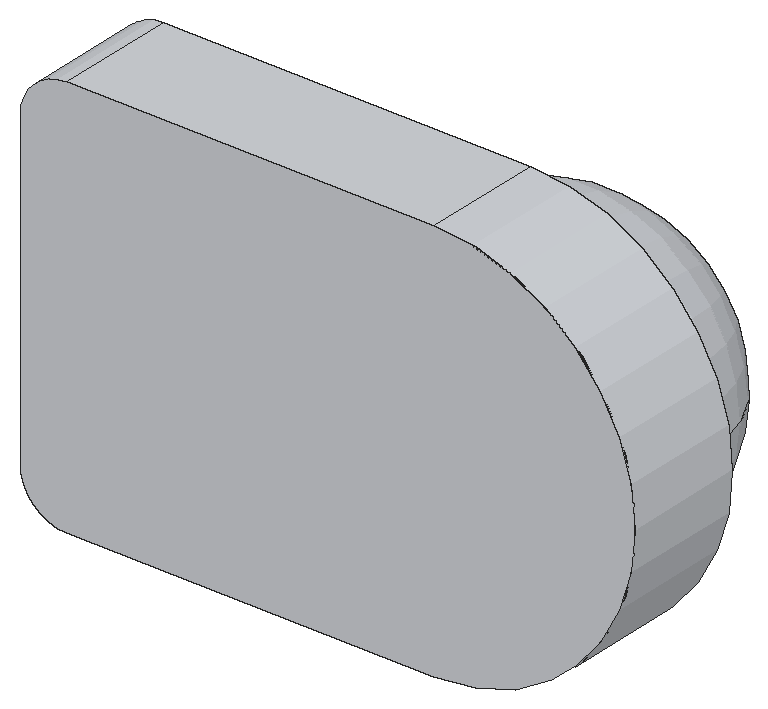
Revit family "252500.06 OSID Sender høy effekt Vegg", category Fire Alarm Devices, Revit 2016
Family settings
  Maintain Annotation Orientation = No
  Part Type = Normal
  Round Connector Dimension = Use Diameter
  OmniClass Number = 23.85.30.21.11.11.11
  OmniClass Title = Smoke Detectors
  Work Plane-Based = No
  Always vertical = Yes
  Cut with Voids When Loaded = No
  Shared = No
  Room Calculation Point = No
Parameters (values of type "Linjedetektor sender")
  Type Comments = "-RY"
  R = CQ Width / 2  # 65 mm
  NVMottaker = no
  NS8360 = "5423_XN3"
  Manufacturer = "Honeywell"
  Keynote = "XN3"
  H1 = R - 10 mm  # 55 mm
  CQ Høyre = no
  CQFontSymboler = "w"
  CQ Venstre = not(CQ Høyre)  # yes
  CQ Type tekst synlig = yes
  CQ Type = "LD"
  CQ Montering tekst synlig [instance] = no
  CQ Montering [instance] = "HIM"
  CQ Material = none
  CQ Width = 130 mm
  CQ Height = 94 mm
  CQ Length = 198 mm
  CQ Coverage Circle Radius = 70000 mm
  CQ Symbol Positive Direction [instance] = yes
  CQ Symbol Offset Side [instance] = 0 mm
  CQ Symbol Offset Out [instance] = 0 mm
  CQ Coverage Circle = no
  CQ 3D Synlig = not(CQ 2D Synlig)  # no
  CQ 2D Synlig = yes
  Assembly Code = "5423"
Reference planes
  plane 1 "Center (Front/Back)": y = 0
  plane 2: z = 0
  plane 3 "Center (Left/Right)": x = 0
  plane 4 "høyre": x = 99
  plane 5 "Venstre": x = -99
  plane 6: x = 89
  plane 7: x = 34
  plane 8: y = 39
  plane 9: z = 65
  plane 10: z = -65
  plane 11: y = 94
Forms (mm)
  Extrusion 1, solid, material <- "CQ Material"
    sketch origin (0, 0, 0) x (1, 0, 0) y (0, 0, 1)
      loop
        arc (-84, 65) -> (-94.607, 60.607) -> (-99, 50) r 15
        line (-99, 50) -> (-99, -50)
        arc (-99, -50) -> (-94.607, -60.607) -> (-84, -65) r 15
        line (-84, -65) -> (34, -65)
        arc (34, -65) -> (99, 0) -> (34, 65) r 65
        line (34, 65) -> (-84, 65)
    from 0 to -39
  Revolve 2, solid, material <- "CQ Material"
    sketch origin (0, 0, 0) x (1, 0, 0) y (0, 1, 0)
      loop
        line (34, 94) -> (34, 39) -> (89, 39)
        arc (89, 39) -> (72.891, 77.891) -> (34, 94) r 55
      axis (34, 94) -> (34, 39)
    angle from 0 to 360
Cuts and joins
  joined: Extrusion 1, Revolve 2
Lines and regions (mm)
  model lines, style "InvisibleLines"
    curve 1: line (0, 0, 0) -> (0, 0, 5)
    curve 2: line (0, 0, 0) -> (0, -5, 0)
Dimensions and locks
  equal spacing: plane 5 "Venstre", plane 3 "Center (Left/Right)", plane 4 "høyre"  (x2)
  "CQ Length": plane 5 "Venstre" to plane 4 "høyre"
  "H1": plane 6 to plane 7
  locked: plane 6 to plane 4 "høyre" at 10
  equal spacing: plane 10, level, plane 9
  "CQ Width": plane 10 to plane 9
  "H1": plane 8 to plane 11
  "CQ Height": plane 1 "Center (Front/Back)" to plane 11
  "R": radius of Extrusion 1 sketch curve
  radius of Extrusion 1 sketch curve = 15 mm  (x2)
  aligned and locked: level to plane 2
  aligned and locked: plane 3 "Center (Left/Right)" to nested 1
  aligned and locked: plane 1 "Center (Front/Back)" to nested 1
  aligned and locked: nested 2 to plane 3 "Center (Left/Right)"
  aligned and locked: nested 2 to plane 1 "Center (Front/Back)"
  aligned and locked: level to curve 1
  aligned and locked: plane 3 "Center (Left/Right)" to curve 1
  aligned and locked: plane 5 "Venstre" to Extrusion 1 sketch curve
  aligned and locked: plane 9 to Extrusion 1 sketch curve
  aligned and locked: Extrusion 1 sketch curve to plane 10
  aligned and locked: plane 8 to Extrusion 1
  aligned and locked: Revolve 2 sketch curve to plane 7
  aligned and locked: Revolve 2 sketch curve to plane 8
  aligned and locked: plane 7 to Extrusion 1 sketch curve
Automatic sketch dimensions
  level to curve 1 = 5 mm
  plane 1 "Center (Front/Back)" to curve 2 = 0 mm
  curve 2 to plane 3 "Center (Left/Right)" = 0 mm
  plane 1 "Center (Front/Back)" to curve 2 = 5 mm
  Revolve 2 sketch curve to plane 7 = 0 mm
  Revolve 2 sketch curve to plane 6 = 0 mm
  plane 11 to Revolve 2 sketch curve = 115 mm
  Revolve 2 sketch curve to Revolve 2 sketch curve = 35 mm
Nested families
  nested 1: "Linjedetektor Symbol" at (0, 0, 0), visible <- "CQ 2D Synlig", type "Type 1"
  nested 2: "Coverage Circle" at (0, 0, 0), visible <- "CQ Coverage Circle", type "Type 1"
Connectors
  electrical at (0, 0, 0)
    settings: index 1, voltage 0 V, apparent load 0 VA, apparent load phase1 0 VA, apparent load phase2 0 VA, apparent load phase3 0 VA, power factor 1, load classification "Other", number of poles 1, system type 11, power factor state 1, is connector primary yes, connector utility no, sub classification motor no, connector description ""
Definition of nested family "Linjedetektor Symbol"
  Parameters (values of type "Type 1")
    Type tekst synlig = yes
    Type = "LD"
    Sender = not(Mottaker)  # no
    Mottaker = yes
    Montering tekst synlig = no
    Montering = "HIM"
    CQ Symbol Positive Direction = yes
    CQ Symbol Negative Direction = not(CQ Symbol Positive Direction)  # no
    CQ Symbol Offset Side = 0 mm
    CQ Symbol Offset Out = 0 mm
  Reference planes
    plane 1: y = 0
    plane 2: x = 0
  Dimensions and locks
    "CQ Symbol Offset Side": nested 2 to plane 2
    "CQ Symbol Offset Side": plane 2 to nested 1
    "CQ Symbol Offset Out": plane 1 to nested 1
    "CQ Symbol Offset Out": plane 1 to nested 2
  Nested families
    nested 1: "Linjedetektor Sub" at (0, 0, 0), visible <- "CQ Symbol Positive Direction", type "Type1"
    nested 2: "Linjedetektor Sub" at (0, 0, 0), visible <- "CQ Symbol Negative Direction", type "Type1"
  Definition of nested family "Linjedetektor Sub"
    Parameters (values of type "Type1")
      Type tekst synlig = yes
      Type = "LD"
      Sender = yes
      Mottaker = yes
      Montering tekst synlig = no
      Montering = "HIM"
    Reference planes
      plane 1: y = 0
      plane 2: x = 0
    Lines and regions (mm)
      detail lines
        curve 1: line (-2.5, -2.5, 0) -> (2.5, -2.5, 0)
        curve 2: line (2.5, -2.5, 0) -> (2.5, 2.5, 0)
        curve 3: line (2.5, 2.5, 0) -> (-2.5, 2.5, 0)
        curve 4: line (-2.5, 2.5, 0) -> (-2.5, -2.5, 0)
        curve 5: circle (-1.25, -1.5, 0) r 0.25 normal (0, 0, 1)
        curve 6: line (-1.25, -0.75, 0) -> (-1, 1.5, 0)
        curve 7: arc (-1, 1.5, 0) -> (-1.25, 1.75, 0) -> (-1.5, 1.5, 0) r 0.25
        curve 8: line (-1.5, 1.5, 0) -> (-1.25, -0.75, 0)
        curve 9: line (-1.25, 0.5, 0) -> (-1.25, 1.5, 0)
        curve 13: line (1.25, -0.83, 0) -> (2, 0.469, 0)
        curve 14: line (1.25, -0.83, 0) -> (0.5, 0.469, 0)
        curve 15: arc (0.189, 0.231, 0) -> (1.25, 0.67, 0) -> (2.311, 0.231, 0) r 1.5
      detail lines, visible <- "Type tekst synlig"
        curve 10: line (-2.5, -4.5, 0) -> (2.5, -4.5, 0)
        curve 11: line (-2.5, -4.5, 0) -> (-2.5, -2.5, 0)
        curve 12: line (2.5, -4.5, 0) -> (2.5, -2.5, 0)
      detail lines, visible <- "Sender"
        curve 16: line (0.198, 1.5, 0) -> (2.298, 1.5, 0)
        curve 17: line (2.298, 1.5, 0) -> (1.396, 2.021, 0)
        curve 18: line (2.298, 1.5, 0) -> (1.396, 0.979, 0)
      detail lines, visible <- "Mottaker"
        curve 19: line (2.298, -1.5, 0) -> (0.198, -1.5, 0)
        curve 20: line (0.198, -1.5, 0) -> (1.101, -2.021, 0)
        curve 21: line (0.198, -1.5, 0) -> (1.101, -0.979, 0)
    Nested families
      nested 1: "txt 1_50" at (3.379, 2.424, 0), visible <- "Montering tekst synlig", Type Name <- "Montering", type "txt"
      nested 2: "txt 1_50" at (-1.901, -3.637, 0), visible <- "Type tekst synlig", Type Name <- "Type", type "txt"
        with Type Name "LD"
    Definition of nested family "txt 1_50"
      Parameters (values of type "txt")
        Type Name [instance] = "HIM"
      Reference planes
        plane 1: y = 0
        plane 2: x = 0
      Text (mm)
        label "TXT" at (1.952, 0, 0), shows "Type Name"
Definition of nested family "Coverage Circle"
  Parameters
    Radius = 3250 mm
  Reference planes
    plane 1 "Center (Front/Back)": y = 0
    plane 2: z = 0
    plane 3 "Center (Left/Right)": x = 0
  Lines and regions (mm)
    detail lines, in view "Ref. Level"
      curve 1: circle (0, 0, 0) r 3250 normal (0, 0, 1)
  Dimensions and locks
    "Radius": radius of curve 1
    aligned and locked: plane 1 "Center (Front/Back)" to curve 1
    aligned and locked: plane 3 "Center (Left/Right)" to curve 1
